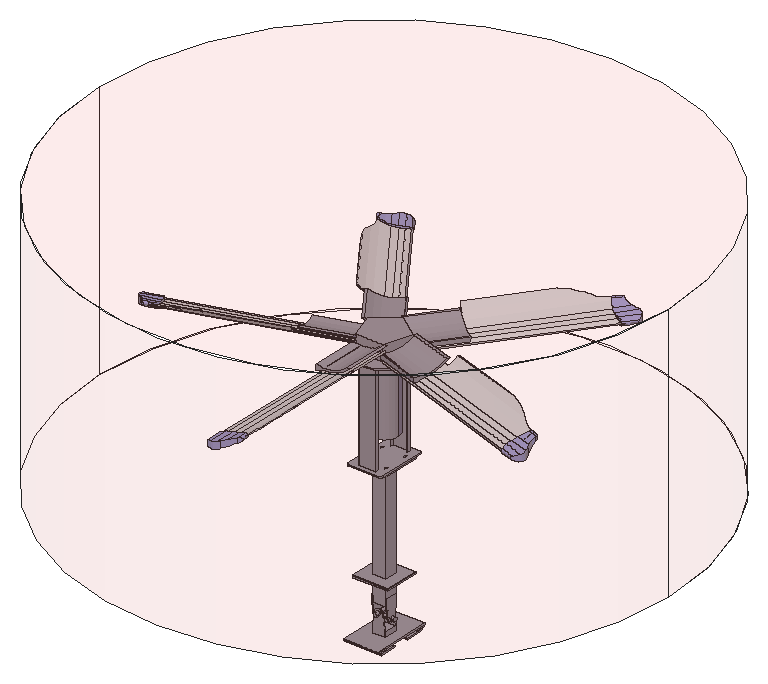
Revit family "HVAC_Mechanical-Ventilation_Envira-North_Altra-Air-Sailfin_Ceiling-Fan2", category Electrical Fixtures, Revit 2022
Family settings
  Round Connector Dimension = Use Diameter
  Part Type = Normal
  OmniClass Number = 23.75.35.17.17.11
  OmniClass Title = Ceiling Fans
  Work Plane-Based = Yes
  Always vertical = No
  Cut with Voids When Loaded = No
  Maintain Annotation Orientation = No
  Shared = No
  Room Calculation Point = No
Parameters (values of type "EN675X5002 - 8FT")
  z_Standard Mount Length [instance] = if(Standard Mount Length = z_Standard Mount 4FT, 48.00", if(Standard Mount Length = z_Standard Mount 2FT, 24.00", 12.00"))  # 12.00"
  z_Standard Mount 4FT = Mount Length : 4FT
  z_Standard Mount 2FT = Mount Length : 2FT
  z_Standard Mount 1FT = Mount Length : 1FT
  z_Radius = Diameter / 2  # 48.00"
  z_Extension Mount Length [instance] = if(Mount Extension, if(Extension Type = z_Extension Mount 4FT, 48.00", 24.00"), 0.00")  # 24.00"
  z_Extension Mount 4FT = Extension Mount : 4FT
  z_Extension Mount 2FT = Extension Mount : 2FT
  z_Clearence to Floor = 144.00"  # constant formula
  z_Clearence Blades = 30.00"  # constant formula
  z_Clearence Blades Diameter = Diameter + 36.00"  # 132.00"
  z_Blades Length = Blade : 08FT
  Weight = 220.00 lbf
  Wattage = 782 W  # constant formula
  Voltage = 230 V  # constant formula
  Version = 1
  URL = "https://www.enviranorth.com/"
  Standard Mount Type [instance] = Mount : UMH
  Standard Mount Length [instance] = Mount Length : 1FT
  Sound Rating = 62.5  # constant formula
  Product data url = ""
  Product Page URL = "https://www.enviranorth.com/altra-airsailfinfans.html"
  Product Material = Envira North Systems - Metal
  Power Factor = 1
  Number of Poles = 3  # constant formula
  Mount Extension [instance] = yes
  Model = "EN675X5002"
  Maximum Velocity = 433 FPM
  Maximum Effective Diameter = 720.00"
  Manufacturer = "Envira-North Systems"  # constant formula
  Extension Type [instance] = Extension Mount : 2FT
  Diameter = 96.00"
  Design Ventilation Air Flow = 59494 CFM
  Description = "Altra-Air Sailfin Fan"
  Default Elevation = 0.00"
  Date Updated = "17/12/2024"  # constant formula
  Date Created = "17/12/2024"  # constant formula
  Ceiling Offset [instance] = z_Standard Mount Length + z_Extension Mount Length  # 36.00"
  CFEI High Speed = 1 ft³·h/(min·Btu)
  CFEI 40% Speed = 1 ft³·h/(min·Btu)
  Blades Clearance [instance] = yes
  Alternate Voltage = 460 V  # constant formula
Types (6): name | z_Radius | z_Clearence Blades Diameter | z_Blades Length | Weight | Model | Maximum Velocity | Maximum Effective Diameter | Diameter | Design Ventilation Air Flow | CFEI High Speed
  (no name) | 48.00" | 132.00" | Blade : 08FT | 220.00 lbf | "EN675X5002" | 433 FPM | 720.00" | 96.00" | 59494 CFM | 0.0026417 (stored number, unit not read)
  EN675X5002 - 8FT | 48.00" | 132.00" | Blade : 08FT | 220.00 lbf | "EN675X5002" | 433 FPM | 720.00" | 96.00" | 59494 CFM | 1 ft³·h/(min·Btu)
  EN675X5006 - 12FT | 72.00" | 180.00" | Blade : 12FT | 245.00 lbf | "EN675X5006" | 512 FPM | 960.00" | 144.00" | 70424 CFM | 0 ft³·h/(min·Btu)
  EN675X5010 - 16FT | 96.00" | 228.00" | Blade : 16FT | 275.00 lbf | "EN675X5010" | 422 FPM | 1680.00" | 192.00" | 127033 CFM | 1 ft³·h/(min·Btu)
  EN675X5014 - 20FT | 120.00" | 276.00" | Blade : 20FT | 320.00 lbf | "EN675X5014" | 439 FPM | 2400.00" | 240.00" | 176200 CFM | 1 ft³·h/(min·Btu)
  EN675X5016 - 24FT | 144.00" | 324.00" | Blade : 24FT | 347.00 lbf | "EN675X5016" | 497 FPM | 2760.00" | 288.00" | 315026 CFM | 1 ft³·h/(min·Btu)
Values of the unnamed type that differ from the named types
  CFEI 40% Speed = 0.0052833 (stored number, unit not read)
Reference planes (in)
  plane 1 "Center (Front/Back)": y = 0
  plane 2: z = 0
  plane 3 "Center (Left/Right)": x = 0
  plane 4: through (0, 0, 48) normal (-0.809, 0.5878, 0)
  plane 5: through (0, 0, 48) normal (-0.809, -0.5878, 0)
  plane 6: through (0, 0, 48) normal (0.309, -0.9511, 0)
  plane 7: through (0, 0, 48) normal (0.309, 0.9511, 0)
  plane 8 "Top": z = 36
  plane 9: z = 57.11623
  plane 10: z = 59.25
  plane 11: z = 62.885
  plane 12: z = 36.25
  plane 13: z = 59.17453
  plane 14: z = 58.25
  plane 15: z = 58.5
  plane 16 "Blades Center": z = 60.27
  plane 17: z = 30.27
  plane 18: z = 90.27
  plane 19: z = 35.75
  plane 20: z = 0.26243
  plane 21: z = -31.64252
  plane 22: z = 41.91142
  plane 23: z = 12
Forms (in)
  Extrusion 1, solid, material "Envira North Systems - Metal", detail levels medium+fine
    sketch origin (0, 0, 0) x (1, 0, 0) y (0, 1, 0)
      loop
        line (0, 5.43658) -> (-5.17049, 1.67999) -> (-3.19554, -4.39828) -> (3.19554, -4.39828) -> (5.17049, 1.67999) -> (0, 5.43658)
    from 59.25 to 62.885
  Extrusion 2, solid, material "Envira North Systems - Metal" <- "Product Material", detail levels medium+fine
    sketch origin (0, 0, 0) x (1, 0, 0) y (0, 1, 0)
      loop
        circle (0, 0) r 6.75
    from 58.25 to 58.5
  Extrusion 3, solid, material "Envira North Systems - Metal" <- "Product Material", detail levels coarse
    sketch origin (0, 0, 0) x (1, 0, 0) y (0, 1, 0)
      loop
        circle (0, 0) r 48
    from 59.17453 to 62.885
  Extrusion 4, solid, visible <- "Blades Clearance"
    sketch origin (0, 0, 0) x (1, 0, 0) y (0, 1, 0)
      loop
        circle (0, 0) r 66
    from 30.27 to 90.27
  Extrusion 5, solid, material "Envira North Systems - Metal" <- "Product Material", detail levels coarse
    sketch origin (0, 0, 0) x (1, 0, 0) y (0, 1, 0)
      loop
        line (-4, 5.5) -> (-4, -5.5)
        arc (-4, -5.5) -> (-3.85355, -5.85355) -> (-3.5, -6) r 0.5
        line (-3.5, -6) -> (3.5, -6)
        arc (3.5, -6) -> (3.85355, -5.85355) -> (4, -5.5) r 0.5
        line (4, -5.5) -> (4, 5.5)
        arc (4, 5.5) -> (3.85355, 5.85355) -> (3.5, 6) r 0.5
        line (3.5, 6) -> (-3.5, 6)
        arc (-3.5, 6) -> (-3.85355, 5.85355) -> (-4, 5.5) r 0.5
    from 36 to 59.17453
  Extrusion 6, solid, material "Envira North Systems - Metal" <- "Product Material", detail levels medium+fine
    sketch origin (0, 0, 0) x (1, 0, 0) y (0, 1, 0)
      loop
        line (4, -5.5) -> (4, 5.5)
        arc (4, 5.5) -> (3.85355, 5.85355) -> (3.5, 6) r 0.5
        line (3.5, 6) -> (-3.5, 6)
        arc (-3.5, 6) -> (-3.85355, 5.85355) -> (-4, 5.5) r 0.5
        line (-4, 5.5) -> (-4, -5.5)
        arc (-4, -5.5) -> (-3.85355, -5.85355) -> (-3.5, -6) r 0.5
        line (-3.5, -6) -> (3.5, -6)
        arc (3.5, -6) -> (3.85355, -5.85355) -> (4, -5.5) r 0.5
      loop
        circle (-2.7538, 2.75) r 0.28
      loop
        circle (2.75, 2.75351) r 0.28485
      loop
        circle (2.75039, -2.76112) r 0.28
      loop
        circle (-2.75201, -2.75073) r 0.27925
    from 36 to 36.25
  Extrusion 7, solid, material "Envira North Systems - Metal" <- "Product Material", detail levels medium+fine
    sketch origin (0, 0, 0) x (1, 0, 0) y (0, 1, 0)
      loop
        circle (0, 0) r 3.25
    from 41.91142 to 58.25
  Extrusion 8, solid, material "Envira North Systems - Metal" <- "Product Material", detail levels medium+fine
    sketch origin (0, 0, 0) x (1, 0, 0) y (0, 1, 0)
      loop
        line (-2, 4.25533) -> (-1.9, 4.25533) -> (-1.9, 4.90533) -> (1.8985, 4.90533) -> (1.8985, 4.25533) -> (2, 4.25533) -> (2, 5.00533) -> (-2, 5.00533) -> (-2, 4.25533)
      loop
        line (-2, -4.25533) -> (-2, -5.00533) -> (2, -5.00533) -> (2, -4.25533) -> (1.8985, -4.25533) -> (1.8985, -4.90533) -> (-1.9, -4.90533) -> (-1.9, -4.25533) -> (-2, -4.25533)
    from 36.25 to 58.25
Lines and regions (in)
  Masking region 1
    outline origin (0, 0, 0) x (1, 0, 0) y (0, 1, 0)
      loop
        circle (0, 0) r 48
  Masking region 2
    outline origin (0, 0, 0) x (1, 0, 0) y (0, 0, 1)
      loop
        line (-48, 62.885) -> (-48, 59.17453) -> (48, 59.17453) -> (48, 62.885) -> (-48, 62.885)
  Masking region 3, detail levels medium+fine
    outline origin (0, 0, 0) x (1, 0, 0) y (0, 1, 0)
      loop
        arc (-46.728, -10.977) -> (-45.65071, -14.83282) -> (-44.25586, -18.58545) r 48
        line (-44.25586, -18.58545) -> (-4, -5.50553) -> (-4, -47.83304)
        arc (-4, -47.83304) -> (0, -48) -> (4, -47.83304) r 48
        line (4, -47.83304) -> (4, -5.40222) -> (44.29394, -18.49452)
        arc (44.29394, -18.49452) -> (45.68108, -14.73903) -> (46.75044, -10.88101) r 48
        line (46.75044, -10.88101) -> (6.47214, 2.10292) -> (31.35163, 36.3466)
        arc (31.35163, 36.3466) -> (28.21369, 38.83282) -> (24.87949, 41.04889) r 48
        line (24.87949, 41.04889) -> (0, 6.80521) -> (-24.87949, 41.04889)
        arc (-24.87949, 41.04889) -> (-28.21369, 38.83282) -> (-31.35163, 36.3466) r 48
        line (-31.35163, 36.3466) -> (-6.47214, 2.10292) -> (-46.728, -10.977)
  Masking region 4, detail levels medium+fine
    outline origin (0, 0, 0) x (1, 0, 0) y (0, 0, 1)
      loop
        line (-6.75, 58.25) -> (-3.25, 58.25) -> (-3.25, 41.91142) -> (-2, 41.91142) -> (-2, 36.25) -> (-4, 36.25) -> (-4, 36) -> (4, 36) -> (4, 36.25) -> (2, 36.25) -> (2, 41.91142) -> (3.25, 41.91142) -> (3.25, 58.25) -> (6.75, 58.25) -> (6.75, 59.17453) -> (-6.75, 59.17453) -> (-6.75, 58.25)
  Masking region 5, detail levels medium+fine
    outline origin (0, 0, 0) x (1, 0, 0) y (0, 0, 1)
      loop
        line (-3, 36) -> (-3, 35.75) -> (-1.10146, 35.75) -> (-1.10146, 0.26243) -> (-3, 0.26243) -> (-3, 0) -> (3, 0) -> (3, 0.26243) -> (1.10774, 0.26243) -> (1.10774, 35.75) -> (3, 35.75) -> (3, 36) -> (-3, 36)
  Masking region 6, detail levels coarse
    outline origin (0, 0, 0) x (1, 0, 0) y (0, 0, 1)
      loop
        line (-4, 36) -> (4, 36) -> (4, 59.17453) -> (-4, 59.17453) -> (-4, 36)
  Masking region 7, detail levels medium+fine
    outline origin (0, 0, 0) x (0, 1, 0) y (0, 0, 1)
      loop
        line (3, 0) -> (3, 0.26243) -> (0.97376, 0.26243) -> (0.97376, 35.75) -> (3, 35.75) -> (3, 36) -> (-3, 36) -> (-3, 35.75) -> (-1.03573, 35.75) -> (-1.03573, 0.26243) -> (-3, 0.26243) -> (-3, 0) -> (3, 0)
  Masking region 8, detail levels medium+fine
    outline origin (0, 0, 0) x (0, 1, 0) y (0, 0, 1)
      loop
        line (-6, 36) -> (6, 36) -> (6, 36.25) -> (5.00533, 36.25) -> (5.00533, 58.25) -> (6.75, 58.25) -> (6.75, 59.17453) -> (-6.75, 59.17453) -> (-6.75, 58.25) -> (-5.00533, 58.25) -> (-5.00533, 36.25) -> (-6, 36.25) -> (-6, 36)
  Masking region 9
    outline origin (0, 0, 0) x (0, 1, 0) y (0, 0, 1)
      loop
        line (48, 62.885) -> (-48, 62.885) -> (-48, 59.17453) -> (48, 59.17453) -> (48, 62.885)
  Masking region 10, detail levels coarse
    outline origin (0, 0, 0) x (0, 1, 0) y (0, 0, 1)
      loop
        line (6.75, 59.17453) -> (-6.75, 59.17453) -> (-6.75, 36) -> (6.75, 36) -> (6.75, 59.17453)
  symbolic lines, style "Clearance", visible <- "Blades Clearance"
    curve 1: circle (0, 0, 0) r 66 normal (0, 0, 1)
    curve 12: line (-66, 0, 90.27) -> (66, 0, 90.27)
    curve 13: line (-66, 0, 30.27) -> (-66, 0, 90.27)
    curve 14: line (66, 0, 30.27) -> (-66, 0, 30.27)
    curve 15: line (66, 0, 90.27) -> (66, 0, 30.27)
    curve 31: line (0, 66, 90.27) -> (0, -66, 90.27)
    curve 32: line (0, 66, 30.27) -> (0, 66, 90.27)
    curve 33: line (0, -66, 30.27) -> (0, 66, 30.27)
    curve 34: line (0, -66, 90.27) -> (0, -66, 30.27)
  symbolic lines
    curve 2: circle (0, 0, 0) r 5.25 normal (0, 0, 1)
    curve 3: line (-3.71231, 3.71231, 0) -> (-4.77297, 4.77297, 0)
    curve 4: line (3.71231, 3.71231, 0) -> (4.77297, 4.77297, 0)
    curve 5: line (-3.71231, -3.71231, 0) -> (-4.77297, -4.77297, 0)
    curve 6: line (3.71231, -3.71231, 0) -> (4.77297, -4.77297, 0)
    curve 8: circle (0, 0, 0) r 6.75 normal (0, 0, 1)
    curve 23: line (0, 5.00533, 36.25) -> (0, -5.00533, 36.25)
  symbolic lines, detail levels coarse
    curve 7: line (0, 0, 0) -> (0, 0, 36)
    curve 9: line (-3.82585, 5.56106, 0) -> (-11.90911, 0, 0)
    curve 10: line (3.82585, -5.56106, 0) -> (11.90911, 0, 0)
    curve 21: line (0, 0, 36) -> (0, 0, 0)
  symbolic lines, detail levels fine
    curve 11: line (-3.25, 0, 58.25) -> (3.25, 0, 58.25)
    curve 16: line (-2, 0, 41.91142) -> (-2, 0, 58.25)
    curve 17: line (2, 0, 41.91142) -> (2, 0, 58.25)
    curve 18: line (-2, 0, 36.25) -> (2, 0, 36.25)
    curve 19: line (-1.10146, 0, 35.75) -> (1.10774, 0, 35.75)
    curve 20: line (-1.10146, 0, 0.26243) -> (1.10774, 0, 0.26243)
    curve 22: line (0, 5.00533, 58.25) -> (0, -5.00533, 58.25)
    curve 24: line (0, 3.25, 41.91142) -> (0, 3.25, 58.25)
    curve 25: line (0, -3.25, 41.91142) -> (0, -3.25, 58.25)
    curve 26: line (0, 3.25, 41.91142) -> (0, -3.25, 41.91142)
    curve 27: line (0, 0.97376, 0.26243) -> (0, -1.03573, 0.26243)
    curve 28: line (0, 0.97376, 35.75) -> (0, -1.03573, 35.75)
    curve 29: line (0, 4.25533, 36.25) -> (0, 4.25533, 58.25)
    curve 30: line (0, -4.25533, 36.25) -> (0, -4.25533, 58.25)
  model lines, detail levels coarse
    curve 35: line (0, 0, 0) -> (0, 0, 36)
Dimensions and locks (in)
  plane 11 to plane 10 to plane 13 to plane 15 to plane 14 to plane 9 to plane 22 to plane 12 to plane 8 "Top" to plane 19 = 3.635" locked, 0.07547" locked, 0.67453" locked, 0.25" locked, 1.13377" locked, 15.20482" locked, 5.66142" locked, 0.25" locked, 0.25" locked
  "z_Clearence Blades": plane 16 "Blades Center" to plane 17
  "z_Clearence Blades": plane 18 to plane 16 "Blades Center"
  "Diameter": Masking region 2 sketch curve to Masking region 2 sketch curve
  equal spacing: Masking region 2 sketch curve, plane 3 "Center (Left/Right)", Masking region 2 sketch curve
  locked: plane 16 "Blades Center" to plane 8 "Top" at 24.27
  "z_Clearence Blades Diameter": curve 32 to curve 34
  equal spacing: curve 32, plane 1 "Center (Front/Back)", curve 34
  "Diameter": Masking region 9 sketch curve to Masking region 9 sketch curve
  equal spacing: Masking region 9 sketch curve, plane 1 "Center (Front/Back)", Masking region 9 sketch curve
  "z_Standard Mount Length": plane 23 to plane 2
  "z_Extension Mount Length": plane 8 "Top" to plane 23
  "Diameter": diameter of Extrusion 3 sketch curve
  "z_Clearence Blades Diameter": diameter of Extrusion 4 sketch curve
  "Diameter": diameter of Masking region 1 sketch curve
  "z_Clearence Blades Diameter": diameter of curve 1
  locked: Masking region 3 sketch curve to Masking region 3 sketch curve (angle 71.867°)
  locked: Masking region 3 sketch curve to Masking region 3 sketch curve (angle 72.00°)  (x4)
  aligned and locked: Extrusion 2 to plane 14
  aligned and locked: Extrusion 2 to plane 15
  aligned and locked: Extrusion 1 to plane 10
  aligned and locked: Extrusion 1 to plane 11
  aligned and locked: plane 16 "Blades Center" to nested 5
  aligned and locked: plane 16 "Blades Center" to nested 2
  aligned and locked: plane 16 "Blades Center" to nested 3
  aligned and locked: plane 16 "Blades Center" to nested 4
  aligned and locked: plane 16 "Blades Center" to nested 1
  aligned and locked: Extrusion 4 to plane 17
  aligned and locked: Extrusion 4 to plane 18
  aligned and locked: Extrusion 3 to plane 13
  aligned and locked: Extrusion 3 to plane 11
  aligned and locked: Masking region 2 sketch curve to Extrusion 3  (x2)
  aligned and locked: Masking region 3 sketch curve to Masking region 1  (x5)
  aligned and locked: curve 12 to Extrusion 4
  aligned and locked: curve 13 to Extrusion 4
  aligned and locked: curve 14 to Extrusion 4
  aligned and locked: curve 15 to Extrusion 4
  aligned and locked: Extrusion 6 to plane 12
  aligned and locked: plane 8 "Top" to Extrusion 6
  aligned and locked: plane 13 to Extrusion 5
  aligned and locked: plane 12 to Extrusion 8
  aligned and locked: plane 14 to Extrusion 8
  aligned and locked: plane 8 "Top" to Extrusion 5
  aligned and locked: Extrusion 7 to plane 22
  aligned and locked: plane 14 to Extrusion 7
  aligned and locked: curve 31 to Extrusion 4
  aligned and locked: curve 33 to Extrusion 4
  aligned and locked: plane 8 "Top" to curve 35
Automatic sketch dimensions
  Extrusion 1 sketch curve to plane 7 = 0.00"
  Extrusion 1 sketch curve to plane 4 = 0.00"
  Extrusion 1 sketch curve to plane 3 "Center (Left/Right)" = 0.00"
  plane 5 to Extrusion 1 sketch curve = 0.00"
  plane 6 to Extrusion 1 sketch curve = 0.00"
  Extrusion 1 sketch curve to plane 3 "Center (Left/Right)" = 3.19554"
  Extrusion 1 sketch curve to plane 1 "Center (Front/Back)" = 1.67999"  (x2)
  Extrusion 1 sketch curve to plane 1 "Center (Front/Back)" = 5.43658"
  plane 1 "Center (Front/Back)" to Extrusion 2 sketch curve = 0.00"
  Extrusion 2 sketch curve to plane 3 "Center (Left/Right)" = 0.00"
  plane 1 "Center (Front/Back)" to Extrusion 3 sketch curve = 0.00"
  Extrusion 3 sketch curve to plane 3 "Center (Left/Right)" = 0.00"
  plane 1 "Center (Front/Back)" to Extrusion 4 sketch curve = 0.00"
  Extrusion 4 sketch curve to plane 3 "Center (Left/Right)" = 0.00"
  plane 1 "Center (Front/Back)" to Masking region 1 sketch curve = 0.00"
  Masking region 1 sketch curve to plane 3 "Center (Left/Right)" = 0.00"
  Masking region 3 sketch curve to Masking region 3 sketch curve = 6.47214"  (x2)
  Masking region 3 sketch curve to Masking region 3 sketch curve = 4.70228"  (x2)
  Masking region 3 sketch curve to plane 4 = 0.00"
  Masking region 3 sketch curve to plane 7 = 0.00"
  Masking region 3 sketch curve to plane 3 "Center (Left/Right)" = 0.00"
  plane 3 "Center (Left/Right)" to Masking region 3 sketch curve = 4.00"
  Masking region 3 sketch curve to plane 3 "Center (Left/Right)" = 4.00"
  plane 6 to Masking region 3 sketch curve = 0.00"
  Masking region 3 sketch curve to plane 1 "Center (Front/Back)" = 2.10292"  (x2)
  plane 1 "Center (Front/Back)" to Masking region 3 sketch curve = 5.40222"
  curve 1 to curve 2 = 0.00"
  curve 1 to curve 8 = 0.00"
  curve 2 to curve 8 = 0.00"  (x2)
  plane 1 "Center (Front/Back)" to curve 9 = 0.00"
  plane 1 "Center (Front/Back)" to curve 2 = 0.00"
  curve 2 to plane 3 "Center (Left/Right)" = 0.00"
  plane 1 "Center (Front/Back)" to curve 10 = 0.00"
  curve 5 to plane 3 "Center (Left/Right)" = 3.71231"
  curve 3 to plane 3 "Center (Left/Right)" = 3.71231"
  curve 9 to curve 3 = 0.11354"
  curve 5 to curve 5 = 1.06066"  (x2)
  curve 3 to curve 9 = 0.94712"
  curve 9 to curve 5 = 7.13614"
  plane 3 "Center (Left/Right)" to curve 4 = 3.71231"
  curve 6 to curve 10 = 0.11354"
  curve 4 to curve 4 = 1.06066"
  curve 10 to curve 6 = 0.94712"
  curve 6 to curve 10 = 7.13614"
  plane 1 "Center (Front/Back)" to curve 6 = 3.71231"
  curve 10 to curve 6 = 0.78809"
  Extrusion 6 sketch curve to plane 3 "Center (Left/Right)" = 4.00"
  Extrusion 6 sketch curve to Extrusion 6 sketch curve = 0.50"  (x3)
  Extrusion 6 sketch curve to Extrusion 6 sketch curve = 0.7462"
  Extrusion 6 sketch curve to Extrusion 6 sketch curve = 0.74799"
  plane 3 "Center (Left/Right)" to Extrusion 6 sketch curve = 2.75039"
  plane 3 "Center (Left/Right)" to Extrusion 6 sketch curve = 2.75"
  plane 3 "Center (Left/Right)" to Extrusion 6 sketch curve = 3.50"  (x2)
  plane 1 "Center (Front/Back)" to Extrusion 6 sketch curve = 6.00"
  Extrusion 6 sketch curve to Extrusion 6 sketch curve = 2.73888"
  Extrusion 6 sketch curve to Extrusion 6 sketch curve = 2.74927"
  Extrusion 6 sketch curve to plane 1 "Center (Front/Back)" = 2.75351"
  Extrusion 6 sketch curve to plane 1 "Center (Front/Back)" = 2.75"
  Extrusion 6 sketch curve to Extrusion 6 sketch curve = 2.75"
  plane 1 "Center (Front/Back)" to Extrusion 7 sketch curve = 0.00"
  Extrusion 7 sketch curve to plane 3 "Center (Left/Right)" = 0.00"
  Extrusion 8 sketch curve to plane 3 "Center (Left/Right)" = 2.00"  (x2)
  Extrusion 8 sketch curve to Extrusion 8 sketch curve = 0.10"  (x4)
  plane 3 "Center (Left/Right)" to Extrusion 8 sketch curve = 1.8985"  (x2)
  Extrusion 8 sketch curve to Extrusion 8 sketch curve = 0.1015"  (x2)
  plane 1 "Center (Front/Back)" to Extrusion 8 sketch curve = 5.00533"
  Extrusion 8 sketch curve to Extrusion 8 sketch curve = 0.65"  (x3)
  Extrusion 8 sketch curve to plane 1 "Center (Front/Back)" = 4.25533"
  Extrusion 8 sketch curve to Extrusion 8 sketch curve = 0.00"
  Extrusion 5 sketch curve to plane 3 "Center (Left/Right)" = 3.50"
  Extrusion 5 sketch curve to Extrusion 5 sketch curve = 0.50"  (x4)
  Extrusion 5 sketch curve to plane 1 "Center (Front/Back)" = 5.50"
  plane 1 "Center (Front/Back)" to Extrusion 5 sketch curve = 5.50"
  plane 3 "Center (Left/Right)" to Extrusion 5 sketch curve = 3.50"
  Masking region 4 sketch curve to plane 13 = 0.00"
  Masking region 4 sketch curve to plane 14 = 0.00"  (x2)
  Masking region 4 sketch curve to plane 8 "Top" = 0.00"
  Masking region 4 sketch curve to plane 12 = 0.00"  (x2)
  Masking region 4 sketch curve to plane 22 = 0.00"  (x2)
  Masking region 4 sketch curve to plane 3 "Center (Left/Right)" = 6.75"
  Masking region 4 sketch curve to plane 3 "Center (Left/Right)" = 4.00"
  Masking region 4 sketch curve to plane 3 "Center (Left/Right)" = 3.25"
  Masking region 4 sketch curve to Masking region 4 sketch curve = 1.25"  (x2)
  plane 3 "Center (Left/Right)" to Masking region 4 sketch curve = 2.00"
  Masking region 4 sketch curve to Masking region 4 sketch curve = 2.00"
  Masking region 4 sketch curve to Masking region 4 sketch curve = 3.50"
  Masking region 5 sketch curve to plane 8 "Top" = 0.00"
  Masking region 5 sketch curve to level = 0.00"
  Masking region 5 sketch curve to plane 20 = 0.00"  (x2)
  Masking region 5 sketch curve to plane 19 = 0.00"  (x2)
  Masking region 5 sketch curve to plane 3 "Center (Left/Right)" = 3.00"  (x2)
  Masking region 5 sketch curve to plane 3 "Center (Left/Right)" = 1.10146"
  plane 3 "Center (Left/Right)" to Masking region 5 sketch curve = 1.10774"
  Masking region 5 sketch curve to Masking region 5 sketch curve = 1.89226"  (x2)
  Masking region 6 sketch curve to plane 13 = 0.00"
  Masking region 6 sketch curve to plane 8 "Top" = 0.00"
  Masking region 6 sketch curve to plane 3 "Center (Left/Right)" = 4.00"
  plane 3 "Center (Left/Right)" to Masking region 6 sketch curve = 4.00"
  plane 8 "Top" to Masking region 7 sketch curve = 0.00"
  Masking region 7 sketch curve to level = 0.00"
  Masking region 7 sketch curve to plane 20 = 0.00"  (x2)
  Masking region 7 sketch curve to plane 19 = 0.00"  (x2)
  plane 1 "Center (Front/Back)" to Masking region 7 sketch curve = 3.00"  (x2)
  plane 1 "Center (Front/Back)" to Masking region 7 sketch curve = 1.03573"
  Masking region 7 sketch curve to plane 1 "Center (Front/Back)" = 0.97376"
  Masking region 7 sketch curve to Masking region 7 sketch curve = 2.02624"  (x2)
  Masking region 8 sketch curve to plane 15 = 0.67453"
  Masking region 8 sketch curve to plane 14 = 0.00"  (x2)
  plane 8 "Top" to Masking region 8 sketch curve = 0.00"
  plane 12 to Masking region 8 sketch curve = 0.00"  (x2)
  plane 1 "Center (Front/Back)" to Masking region 8 sketch curve = 6.75"
  plane 1 "Center (Front/Back)" to Masking region 8 sketch curve = 6.00"
  Masking region 8 sketch curve to Masking region 8 sketch curve = 0.99467"  (x2)
  Masking region 8 sketch curve to plane 1 "Center (Front/Back)" = 5.00533"
  Masking region 8 sketch curve to Masking region 8 sketch curve = 1.74467"
  plane 11 to Masking region 9 sketch curve = 0.00"
  Masking region 9 sketch curve to plane 13 = 0.00"
  Masking region 10 sketch curve to plane 13 = 0.00"
  Masking region 10 sketch curve to plane 14 = 22.25"
  plane 1 "Center (Front/Back)" to Masking region 10 sketch curve = 6.75"
  Masking region 10 sketch curve to plane 1 "Center (Front/Back)" = 6.75"
  plane 12 to curve 23 = 0.00"
  curve 22 to plane 14 = 0.00"
  curve 26 to plane 22 = 0.00"
  curve 28 to plane 19 = 0.00"
  curve 27 to plane 20 = 0.00"
  curve 21 to level = 0.00"
  curve 21 to plane 1 "Center (Front/Back)" = 0.00"
  plane 8 "Top" to curve 21 = 0.00"
  plane 1 "Center (Front/Back)" to curve 25 = 3.25"
  curve 26 to plane 1 "Center (Front/Back)" = 3.25"
  plane 1 "Center (Front/Back)" to curve 27 = 1.03573"
  plane 1 "Center (Front/Back)" to curve 28 = 1.03573"
  curve 30 to curve 25 = 1.00533"
  curve 22 to curve 30 = 0.75"
  curve 23 to curve 30 = 0.75"
  curve 27 to plane 1 "Center (Front/Back)" = 0.97376"
  curve 28 to plane 1 "Center (Front/Back)" = 0.97376"
  curve 24 to curve 29 = 1.00533"
  curve 29 to curve 23 = 0.75"
  curve 29 to curve 22 = 0.75"
  curve 11 to plane 14 = 0.00"
  curve 18 to plane 12 = 0.00"
  curve 16 to plane 22 = 0.00"
  curve 19 to plane 19 = 0.00"
  curve 20 to plane 20 = 0.00"
  curve 7 to plane 3 "Center (Left/Right)" = 0.00"
  curve 35 to level = 0.00"
  curve 35 to plane 3 "Center (Left/Right)" = 0.00"
  curve 17 to plane 22 = 0.00"
  curve 7 to level = 0.00"
  curve 7 to plane 8 "Top" = 0.00"
  curve 11 to plane 3 "Center (Left/Right)" = 3.25"
  curve 18 to plane 3 "Center (Left/Right)" = 2.00"
  curve 16 to plane 3 "Center (Left/Right)" = 2.00"
  curve 18 to curve 19 = 0.89854"
  curve 20 to plane 3 "Center (Left/Right)" = 1.10146"
  plane 3 "Center (Left/Right)" to curve 20 = 1.10774"
  plane 3 "Center (Left/Right)" to curve 19 = 1.10774"
  curve 19 to curve 18 = 0.89226"
  plane 3 "Center (Left/Right)" to curve 17 = 2.00"
  curve 17 to curve 11 = 1.25"
  radius of Extrusion 2 sketch curve = 6.75"
  radius of Extrusion 6 sketch curve = 0.28"  (x2)
  radius of Extrusion 6 sketch curve = 0.28485"
  radius of Extrusion 6 sketch curve = 0.27925"
  radius of Extrusion 7 sketch curve = 3.25"
Nested families (in)
  nested 1: "Blade" at (1.10774, -4.39828, 60.27) x (1, 0, 0) z (0, -1, 0), type <- "z_Blades Length", type "08FT", detail levels medium+fine
  nested 2: "Blade" at (4.54207, -0.2541, 60.27) x (0.309, 0.9511, 0) z (0.9511, -0.309, 0), type <- "z_Blades Length", type "08FT", detail levels medium+fine
  nested 3: "Blade" at (1.53343, 4.32247, 60.27) x (-0.809, 0.5878, 0) z (0.5878, 0.809, 0), type <- "z_Blades Length", type "08FT", detail levels medium+fine
  nested 4: "Blade" at (-3.60427, 2.81792, 60.27) x (-0.809, -0.5878, 0) z (-0.5878, 0.809, 0), type <- "z_Blades Length", type "08FT", detail levels medium+fine
  nested 5: "Blade" at (-3.78153, -2.59479, 60.27) x (0.309, -0.9511, 0) z (-0.9511, -0.309, 0), type <- "z_Blades Length", type "08FT", detail levels medium+fine
  nested 6: "Mount" at (0, 0, 0), type <- "Standard Mount Type", type "UMH", detail levels medium+fine
    with z_Wood Mount Height 4.23757"
  nested 7: "Mount Length" at (0, 0, 0), type <- "Standard Mount Length", type "1FT", detail levels medium+fine
  nested 8: "Extension Mount" at (0, 0, 12), type <- "Extension Type", visible <- "Mount Extension", type "2FT", detail levels medium+fine
Connectors (in)
  electrical at (0, 0, 36), driven by "Voltage", driven by "Power Factor", driven by "Wattage", driven by "Number of Poles"
    settings: on plane 8 "Top", index 1, voltage 230 V, apparent load 782 VA, apparent load phase1 0 VA, apparent load phase2 0 VA, apparent load phase3 0 VA, power factor 1, load classification "HVAC", number of poles 3, system type 30, power factor state 1, is connector primary yes, connector utility no, sub classification motor yes, connector description "Fan Power Supply"
Definition of nested family "Blade"
  Parameters (values of type "24FT")
    z_Blade Length = 139.60"
    Product Material = none
    Default Elevation = 48.00"
  Types (5): name | z_Blade Length
    08FT | 43.60"
    12FT | 67.60"
    16FT | 91.60"
    20FT | 115.60"
    24FT | 139.60"
  Reference planes (in)
    plane 1 "Center (Front/Back)": y = 0
    plane 2: z = 0
    plane 3 "Center (Left/Right)": x = 0
    plane 4: z = 121.21074
    plane 5: z = 135.96074
    plane 6: z = 139.6
  Forms (in)
    Extrusion 1, solid
      sketch origin (0, 0, 0) x (1, 0, 0) y (0, 1, 0)
        loop
          line (-48, 48) -> (-48, -48) -> (48, -48) -> (48, 48) -> (-48, 48)
      from 0 to -12
    Extrusion 2, solid
      sketch origin (0, 0, 0) x (1, 0, 0) y (0, 1, 0)
        loop
          arc (-1.84205, -0.23954) -> (-2.45675, -0.35317) -> (-3.07082, -0.47018) r 113.31495
          arc (-3.07082, -0.47018) -> (-3.67661, -0.63157) -> (-4.24454, -0.89704) r 3.54869
          arc (-4.24454, -0.89704) -> (-4.33055, -1.05377) -> (-4.23189, -1.20287) r 0.17294
          arc (-4.23189, -1.20287) -> (-2.75257, -1.39741) -> (-1.29329, -1.0864) r 4.40012
          arc (-1.29329, -1.0864) -> (0.33763, -0.31211) -> (1.85853, 0.66068) r 14.36149
          arc (1.85853, 0.66068) -> (3.25515, 1.77557) -> (4.55391, 3.00306) r 21.40681
          line (4.55391, 3.00306) -> (4.47365, 3.08332)
          arc (4.47365, 3.08332) -> (2.24154, 1.22238) -> (-0.43034, 0.07938) r 10.03094
          arc (-0.43034, 0.07938) -> (-1.13327, -0.09303) -> (-1.84205, -0.23954) r 19.7342
      from 0 to 135.96074
    Extrusion 3, solid, detail levels fine
      sketch origin (0, 0, 0) x (1, 0, 0) y (0, 1, 0)
        loop
          line (-4.84163, 0.74514) -> (-4.75592, -0.23453) -> (-3.82664, -0.23453) -> (-3.52125, 0.07086)
          arc (-3.52125, 0.07086) -> (-0.0534, 0.776) -> (3.00338, 2.55904) r 10.85552
          line (3.00338, 2.55904) -> (2.42635, 2.55904)
          arc (2.42635, 2.55904) -> (-0.92673, 0.90657) -> (-4.66485, 0.92191) r 8.16377
          line (-4.66485, 0.92191) -> (-4.84163, 0.74514)
      from 0 to 10.79363
    Extrusion 4, void
      sketch origin (0, 0, 0) x (1, 0, 0) y (0, 0, 1)
        loop
          arc (2.09375, 135.16985) -> (2.31655, 133.33773) -> (2.97196, 131.61242) r 7.64423
          arc (2.97196, 131.61242) -> (4.1544, 127.81092) -> (4.55391, 123.84987) r 19.83628
          line (4.55391, 123.84987) -> (4.55391, 121.21074) -> (5.75, 121.21074) -> (5.75, 135.96074) -> (2.09375, 135.96074) -> (2.09375, 135.16985)
      from -10.42364 to 12
    Extrusion 5, void
      sketch origin (0, 0, 0) x (1, 0, 0) y (0, 0, 1)
        loop
          arc (2.92635, 11.40451) -> (2.57279, 11.25806) -> (2.42635, 10.90451) r 0.5
          line (2.42635, 10.90451) -> (2.42635, 0) -> (6.22829, 0) -> (6.22829, 13.15451) -> (4.55391, 13.15451) -> (4.55391, 11.90451)
          arc (4.55391, 11.90451) -> (4.40746, 11.55095) -> (4.05391, 11.40451) r 0.5
          line (4.05391, 11.40451) -> (2.92635, 11.40451)
      from -4.24234 to 1.20287
  Cuts and joins
    Extrusion 4, Extrusion 5 cuts Extrusion 2
  Dimensions and locks (in)
    plane 4 to plane 2 = 121.21074"
    locked: plane 5 to plane 4 at 14.75
    "z_Blade Length": plane 6 to plane 2
    locked: plane 6 to plane 5 at 3.63926
    aligned and locked: plane 2 to Extrusion 1
    aligned and locked: level to Extrusion 1
    aligned and locked: Extrusion 2 to plane 2
    aligned and locked: plane 5 to Extrusion 2
    aligned and locked: Extrusion 4 sketch curve to plane 5
    aligned and locked: Extrusion 4 sketch curve to plane 4
    aligned and locked: plane 5 to nested 1
  Automatic sketch dimensions
    Extrusion 1 sketch curve to Extrusion 1 sketch curve = 96.00"  (x2)
    Extrusion 2 sketch curve to plane 3 "Center (Left/Right)" = 10.7867"
    Extrusion 2 sketch curve to plane 3 "Center (Left/Right)" = 6.62495"
    Extrusion 2 sketch curve to Extrusion 2 sketch curve = 5.30481"
    plane 1 "Center (Front/Back)" to Extrusion 2 sketch curve = 1.04663"
    Extrusion 2 sketch curve to plane 3 "Center (Left/Right)" = 4.15775"
    Extrusion 2 sketch curve to plane 3 "Center (Left/Right)" = 2.99806"
    Extrusion 2 sketch curve to plane 3 "Center (Left/Right)" = 2.92682"
    Extrusion 2 sketch curve to plane 3 "Center (Left/Right)" = 2.46374"
    plane 3 "Center (Left/Right)" to Extrusion 2 sketch curve = 4.47365"
    Extrusion 2 sketch curve to Extrusion 2 sketch curve = 0.08026"  (x2)
    plane 3 "Center (Left/Right)" to Extrusion 2 sketch curve = 18.44721"
    Extrusion 2 sketch curve to Extrusion 2 sketch curve = 2.91993"
    Extrusion 2 sketch curve to Extrusion 2 sketch curve = 107.75673"
    Extrusion 2 sketch curve to plane 1 "Center (Front/Back)" = 2.99926"
    Extrusion 2 sketch curve to plane 1 "Center (Front/Back)" = 3.00306"
    Extrusion 2 sketch curve to Extrusion 2 sketch curve = 6.77686"
    Extrusion 2 sketch curve to Extrusion 2 sketch curve = 2.47261"
    Extrusion 2 sketch curve to Extrusion 2 sketch curve = 5.68476"
    Extrusion 2 sketch curve to Extrusion 2 sketch curve = 1.2226"
    Extrusion 2 sketch curve to Extrusion 2 sketch curve = 0.08678"
    Extrusion 2 sketch curve to Extrusion 2 sketch curve = 0.00"  (x2)
    Extrusion 2 sketch curve to Extrusion 2 sketch curve = 0.07414"
    plane 1 "Center (Front/Back)" to Extrusion 2 sketch curve = 0.47018"
    plane 1 "Center (Front/Back)" to Extrusion 2 sketch curve = 0.23954"
    Extrusion 3 sketch curve to plane 1 "Center (Front/Back)" = 0.74514"
    Extrusion 3 sketch curve to plane 3 "Center (Left/Right)" = 4.84163"
    plane 1 "Center (Front/Back)" to Extrusion 3 sketch curve = 0.23453"
    Extrusion 3 sketch curve to Extrusion 3 sketch curve = 0.08571"
    Extrusion 3 sketch curve to plane 1 "Center (Front/Back)" = 0.92191"
    Extrusion 3 sketch curve to Extrusion 3 sketch curve = 0.17678"
    Extrusion 3 sketch curve to plane 3 "Center (Left/Right)" = 3.92146"
    Extrusion 3 sketch curve to Extrusion 3 sketch curve = 0.92927"
    Extrusion 3 sketch curve to plane 1 "Center (Front/Back)" = 0.07086"
    Extrusion 3 sketch curve to Extrusion 3 sketch curve = 0.30539"
    Extrusion 3 sketch curve to Extrusion 3 sketch curve = 1.15829"
    plane 3 "Center (Left/Right)" to Extrusion 3 sketch curve = 2.42635"
    Extrusion 3 sketch curve to Extrusion 3 sketch curve = 0.57703"
    Extrusion 3 sketch curve to plane 1 "Center (Front/Back)" = 2.55904"
    plane 4 to Extrusion 4 sketch curve = 2.63913"
    Extrusion 4 sketch curve to plane 3 "Center (Left/Right)" = 15.28238"
    plane 3 "Center (Left/Right)" to Extrusion 4 sketch curve = 2.09375"
    plane 3 "Center (Left/Right)" to Extrusion 4 sketch curve = 4.55391"
    Extrusion 4 sketch curve to Extrusion 4 sketch curve = 1.19609"
    Extrusion 4 sketch curve to plane 5 = 0.7909"
    Extrusion 4 sketch curve to Extrusion 4 sketch curve = 3.98798"
    Extrusion 5 sketch curve to level = 0.00"
    plane 3 "Center (Left/Right)" to Extrusion 5 sketch curve = 2.42635"
    Extrusion 5 sketch curve to Extrusion 5 sketch curve = 0.50"  (x2)
    Extrusion 5 sketch curve to Extrusion 5 sketch curve = 1.12756"
    Extrusion 5 sketch curve to Extrusion 5 sketch curve = 3.80194"
    level to Extrusion 5 sketch curve = 10.90451"
    Extrusion 5 sketch curve to Extrusion 5 sketch curve = 1.25"
  Nested families (in)
    nested 1: "Blade End" at (-1.6875, 0, 135.96074) x (-1, 0, 0) z (0, 0, 1), type "1", detail levels fine
  Definition of nested family "Blade End"
    Parameters (values of type "1")
      Product Material = none
      Default Elevation = 0.00"
    Reference planes (in)
      plane 1 "Center (Front/Back)": y = 0
      plane 2: z = 0
      plane 3 "Center (Left/Right)": x = 0
    Forms (in)
      Extrusion 1, solid, material <- "Product Material"
        sketch origin (0, 0, 0) x (1, 0, 0) y (0, 0, 1)
          loop
            arc (-3.92715, -0.5) -> (-0.53163, -1.32943) -> (2.86081, -0.48748) r 7.30979
            line (2.86081, -0.48748) -> (2.86081, 2.35977)
            arc (2.86081, 2.35977) -> (1.4211, 3.59751) -> (-0.39465, 3.04267) r 1.96811
            arc (-0.39465, 3.04267) -> (-1.68894, 2.0401) -> (-3.2109, 1.43679) r 5.83184
            arc (-3.2109, 1.43679) -> (-3.66774, 1.18227) -> (-3.92715, 0.72818) r 0.97421
            line (-3.92715, 0.72818) -> (-3.92715, -0.5)
        from -1.35152 to 1.66276
      Extrusion 2, void
        sketch origin (-0.6875, -1.5625, 0) x (-1, 0, 0) y (0, -1, 0)
          loop
            arc (-0.84015, -1.63082) -> (-0.14069, -1.77542) -> (0.553, -1.94557) r 19.4842
            arc (0.553, -1.94557) -> (1.64174, -2.30333) -> (2.68117, -2.78597) r 9.78094
            arc (2.68117, -2.78597) -> (3.17118, -2.59578) -> (3.05354, -2.08348) r 0.40173
            arc (3.05354, -2.08348) -> (1.50617, -1.09375) -> (-0.15314, -0.30598) r 14.61149
            arc (-0.15314, -0.30598) -> (-1.70237, 0.02297) -> (-3.27215, -0.1871) r 4.65012
            arc (-3.27215, -0.1871) -> (-3.53242, -0.54973) -> (-3.32266, -0.94373) r 0.42294
            arc (-3.32266, -0.94373) -> (-2.71586, -1.22748) -> (-2.06865, -1.40024) r 3.79869
            arc (-2.06865, -1.40024) -> (-1.45472, -1.51722) -> (-0.84015, -1.63082) r 113.56495
          loop
            arc (-1.20386, -3.59748) -> (-0.57884, -3.72684) -> (0.04104, -3.87894) r 17.4842
            arc (0.04104, -3.87894) -> (0.94453, -4.17841) -> (1.80469, -4.58595) r 7.78094
            arc (1.80469, -4.58595) -> (4.8844, -3.62869) -> (4.23496, -0.46971) r 2.40173
            arc (4.23496, -0.46971) -> (2.47579, 0.65549) -> (0.58935, 1.55109) r 16.61149
            arc (0.58935, 1.55109) -> (-1.65558, 2.02257) -> (-3.92715, 1.70324) r 6.65012
            arc (-3.92715, 1.70324) -> (-5.52335, -0.35785) -> (-4.32629, -2.67367) r 2.42294
            arc (-4.32629, -2.67367) -> (-3.40957, -3.10334) -> (-2.43209, -3.36701) r 5.79869
            arc (-2.43209, -3.36701) -> (-1.81829, -3.4839) -> (-1.20386, -3.59748) r 115.56495
        from -2.55777 to 4.63701
    Cuts and joins
      Extrusion 2 cuts Extrusion 1
    Lines and regions (in)
      symbolic lines
        curve 1: line (-3.91353, 0, 0) -> (2.83647, 0, 0)
    Dimensions and locks (in)
      aligned and locked: plane 2 to level
Definition of nested family "Mount"
  Parameters (values of type "UMH Wood")
    z_Wood Mount Height [instance] = 4.23757"
    z_Wood = yes
    Product Material = none
    Default Elevation = 48.00"
  Types (2): name | z_Wood
    UMH | no
    UMH Wood | yes
  Reference planes (in)
    plane 1 "Center (Front/Back)": y = 0
    plane 2: z = 0
    plane 3 "Center (Left/Right)": x = 0
    plane 4: z = 6.5625
    plane 5: z = -4.23757
    plane 6: z = -4.5
  Forms (in)
    Extrusion 1, solid, material <- "Product Material"
      sketch origin (-0.02354, 0.03099, 0) x (1, 0, 0) y (0, 1, 0)
        loop
          line (-3.97646, 6.84401) -> (-3.97646, -6.90599) -> (4.00026, -6.90599) -> (4.00026, 6.84401) -> (-3.97646, 6.84401)
      from 0 to 0.26243
    Extrusion 2, solid, material <- "Product Material"
      sketch origin (0, 0, 0) x (1, 0, 0) y (0, 0, 1)
        loop
          line (-1.37439, 1.75) -> (-1.37439, 0.25) -> (1.37439, 0.25) -> (1.37439, 1.75) -> (0.89439, 4.89646)
          arc (0.89439, 4.89646) -> (0, 5.58983) -> (-0.89439, 4.89646) r 0.92353
          line (-0.89439, 4.89646) -> (-1.37439, 1.75)
      from 1.5 to 1.6875
    Extrusion 3, solid, material <- "Product Material"
      sketch origin (0, 0, 0) x (1, 0, 0) y (0, 0, 1)
        loop
          line (-1.37439, 1.75) -> (-1.37439, 0.25) -> (1.37439, 0.25) -> (1.37439, 1.75) -> (0.89439, 4.89646)
          arc (0.89439, 4.89646) -> (0, 5.58983) -> (-0.89439, 4.89646) r 0.92353
          line (-0.89439, 4.89646) -> (-1.37439, 1.75)
      from -1.6875 to -1.5
    Extrusion 4, solid, material <- "Product Material"
      sketch origin (0, 0, 0) x (0, 1, 0) y (0, 0, 1)
        loop
          line (-1.3511, 8.0625) -> (-1.3511, 6.5625) -> (-0.8726, 3.42583)
          arc (-0.8726, 3.42583) -> (0.02329, 2.69452) -> (0.91917, 3.42583) r 0.9144
          line (0.91917, 3.42583) -> (1.39768, 6.5625) -> (1.39768, 8.0625) -> (-1.3511, 8.0625)
      from 1.5 to 1.66421
    Extrusion 5, solid, material <- "Product Material"
      sketch origin (0, 0, 0) x (0, 1, 0) y (0, 0, 1)
        loop
          line (-1.3511, 8.0625) -> (-1.3511, 6.5625) -> (-0.8726, 3.42583)
          arc (-0.8726, 3.42583) -> (0.02329, 2.69452) -> (0.91917, 3.42583) r 0.9144
          line (0.91917, 3.42583) -> (1.39768, 6.5625) -> (1.39768, 8.0625) -> (-1.3511, 8.0625)
      from -1.71079 to -1.52329
    Extrusion 6, solid, material <- "Product Material"
      sketch origin (-0.02354, 0.03099, 0) x (1, 0, 0) y (0, 1, 0)
        loop
          line (-1.49974, 1.4923) -> (-1.49974, -1.53099) -> (1.52354, -1.53099) -> (1.52354, 1.4923) -> (-1.49974, 1.4923)
      from 0.26243 to 1.25
    Extrusion 7, solid, material <- "Product Material"
      sketch origin (0, 0, 0) x (1, 0, 0) y (0, 0, 1)
        loop
          circle (0, 4.75564) r 0.40062
      from -2.3215 to 2.55367
    Extrusion 8, solid, material <- "Product Material"
      sketch origin (0, 0, 0) x (0, 1, 0) y (0, 0, 1)
        loop
          circle (0, 3.56453) r 0.3925
      from -2.34479 to 2.53038
    Extrusion 9, solid, material <- "Product Material"
      sketch origin (0, 0, 0) x (0, 1, 0) y (0, 0, 1)
        loop
          line (6.054, -0.25) -> (5.65625, -0.64775) -> (1.84375, -0.64775) -> (1.84375, -0.88685) -> (5.75529, -0.88685) -> (6.22307, -0.41907) -> (6.054, -0.25)
        loop
          line (-1.84375, -0.88685) -> (-1.84375, -0.64775) -> (-5.65625, -0.64775) -> (-6.054, -0.25) -> (-6.22307, -0.41907) -> (-5.75529, -0.88685) -> (-1.84375, -0.88685)
      from -4.02329 to 3.97671
    Extrusion 10, solid, material <- "Product Material"
      sketch origin (0, 0, 0) x (0, 1, 0) y (0, 0, 1)
        loop
          line (6.45625, 0) -> (4.45625, 0) -> (4.45625, -0.25) -> (6.45625, -0.25) -> (6.45625, 0)
        loop
          line (-4.45625, 0) -> (-6.45625, 0) -> (-6.45625, -0.25) -> (-4.45625, -0.25) -> (-4.45625, 0)
      from -4.02329 to 4
    Extrusion 11, solid, material <- "Product Material", visible <- "z_Wood"
      sketch origin (-0.02354, 0.03099, -4.5) x (1, 0, 0) y (0, 1, 0)
        loop
          line (-3.97646, 6.84401) -> (-3.97646, -6.90599) -> (4.00026, -6.90599) -> (4.00026, 6.84401) -> (-3.97646, 6.84401)
      from 0 to 0.26243
    Extrusion 12, solid, material <- "Product Material", visible <- "z_Wood"
      sketch origin (0, 0, 0) x (1, 0, 0) y (0, 1, 0)
        loop
          circle (-2.76709, 5.16342) r 0.25
        loop
          circle (2.76709, 5.16342) r 0.25
        loop
          circle (-2.76709, -5.16342) r 0.25
        loop
          circle (2.76709, -5.16342) r 0.25
      from -5.12318 to 0.93228
  Cuts and joins
    joined: Extrusion 4, Extrusion 5, Extrusion 8
    joined: Extrusion 2, Extrusion 3, Extrusion 6, Extrusion 7, Extrusion 10
  Dimensions and locks (in)
    locked: plane 4 to plane 2 at 6.5625
    locked: plane 5 to plane 6 at 0.26243
    "z_Wood Mount Height": plane 2 to plane 5
  Automatic sketch dimensions
    Extrusion 1 sketch curve to plane 3 "Center (Left/Right)" = 4.00"
    plane 3 "Center (Left/Right)" to Extrusion 1 sketch curve = 3.97671"
    plane 1 "Center (Front/Back)" to Extrusion 1 sketch curve = 6.875"
    Extrusion 1 sketch curve to plane 1 "Center (Front/Back)" = 6.875"
    Extrusion 2 sketch curve to plane 3 "Center (Left/Right)" = 0.00"
    Extrusion 2 sketch curve to plane 3 "Center (Left/Right)" = 0.89439"
    level to Extrusion 2 sketch curve = 0.25"
    Extrusion 2 sketch curve to plane 3 "Center (Left/Right)" = 1.37439"
    plane 3 "Center (Left/Right)" to Extrusion 2 sketch curve = 0.89439"
    plane 3 "Center (Left/Right)" to Extrusion 2 sketch curve = 1.37439"
    Extrusion 2 sketch curve to Extrusion 2 sketch curve = 1.50"  (x2)
    plane 4 to Extrusion 2 sketch curve = 1.8962"
    Extrusion 2 sketch curve to Extrusion 2 sketch curve = 0.23016"
    Extrusion 3 sketch curve to plane 3 "Center (Left/Right)" = 0.00"
    Extrusion 3 sketch curve to plane 3 "Center (Left/Right)" = 0.89439"
    level to Extrusion 3 sketch curve = 0.25"
    Extrusion 3 sketch curve to plane 3 "Center (Left/Right)" = 1.37439"
    plane 3 "Center (Left/Right)" to Extrusion 3 sketch curve = 0.89439"
    plane 3 "Center (Left/Right)" to Extrusion 3 sketch curve = 1.37439"
    Extrusion 3 sketch curve to Extrusion 3 sketch curve = 1.50"  (x2)
    plane 4 to Extrusion 3 sketch curve = 1.8962"
    Extrusion 3 sketch curve to Extrusion 3 sketch curve = 0.23016"
    plane 4 to Extrusion 4 sketch curve = 0.00"  (x2)
    plane 1 "Center (Front/Back)" to Extrusion 4 sketch curve = 1.3511"
    plane 1 "Center (Front/Back)" to Extrusion 4 sketch curve = 0.8726"
    Extrusion 4 sketch curve to plane 1 "Center (Front/Back)" = 0.02329"
    Extrusion 4 sketch curve to Extrusion 4 sketch curve = 0.89589"
    Extrusion 4 sketch curve to plane 1 "Center (Front/Back)" = 1.39768"
    plane 4 to Extrusion 4 sketch curve = 2.95357"
    Extrusion 4 sketch curve to Extrusion 4 sketch curve = 0.1831"
    Extrusion 4 sketch curve to Extrusion 4 sketch curve = 1.50"
    plane 4 to Extrusion 5 sketch curve = 0.00"  (x2)
    plane 1 "Center (Front/Back)" to Extrusion 5 sketch curve = 1.3511"
    plane 1 "Center (Front/Back)" to Extrusion 5 sketch curve = 0.8726"
    Extrusion 5 sketch curve to plane 1 "Center (Front/Back)" = 0.02329"
    Extrusion 5 sketch curve to Extrusion 5 sketch curve = 0.89589"
    Extrusion 5 sketch curve to plane 1 "Center (Front/Back)" = 1.39768"
    plane 4 to Extrusion 5 sketch curve = 2.95357"
    Extrusion 5 sketch curve to Extrusion 5 sketch curve = 0.1831"
    Extrusion 5 sketch curve to Extrusion 5 sketch curve = 1.50"
    Extrusion 6 sketch curve to plane 3 "Center (Left/Right)" = 1.52329"
    plane 3 "Center (Left/Right)" to Extrusion 6 sketch curve = 1.50"
    plane 1 "Center (Front/Back)" to Extrusion 6 sketch curve = 1.50"
    Extrusion 6 sketch curve to plane 1 "Center (Front/Back)" = 1.52329"
    Extrusion 7 sketch curve to plane 3 "Center (Left/Right)" = 0.00"
    plane 4 to Extrusion 7 sketch curve = 1.80686"
    Extrusion 8 sketch curve to plane 1 "Center (Front/Back)" = 0.00"
    plane 4 to Extrusion 8 sketch curve = 2.99797"
    Extrusion 9 sketch curve to level = 0.41907"
    plane 1 "Center (Front/Back)" to Extrusion 9 sketch curve = 6.22307"
    Extrusion 9 sketch curve to level = 0.25"  (x2)
    Extrusion 9 sketch curve to Extrusion 9 sketch curve = 0.16907"
    Extrusion 9 sketch curve to level = 0.88685"  (x2)
    Extrusion 9 sketch curve to level = 0.64775"  (x2)
    plane 1 "Center (Front/Back)" to Extrusion 9 sketch curve = 1.84375"
    Extrusion 9 sketch curve to plane 1 "Center (Front/Back)" = 1.84375"
    Extrusion 9 sketch curve to Extrusion 9 sketch curve = 3.8125"
    Extrusion 9 sketch curve to Extrusion 9 sketch curve = 0.09904"
    Extrusion 9 sketch curve to Extrusion 9 sketch curve = 0.39775"
    Extrusion 10 sketch curve to level = 0.00"  (x2)
    plane 1 "Center (Front/Back)" to Extrusion 10 sketch curve = 6.45625"
    Extrusion 10 sketch curve to level = 0.25"  (x2)
    Extrusion 10 sketch curve to Extrusion 10 sketch curve = 2.00"  (x2)
    Extrusion 10 sketch curve to plane 1 "Center (Front/Back)" = 4.45625"
    Extrusion 11 sketch curve to plane 3 "Center (Left/Right)" = 4.00"
    plane 3 "Center (Left/Right)" to Extrusion 11 sketch curve = 3.97671"
    plane 1 "Center (Front/Back)" to Extrusion 11 sketch curve = 6.875"
    Extrusion 11 sketch curve to plane 1 "Center (Front/Back)" = 6.875"
    Extrusion 12 sketch curve to plane 3 "Center (Left/Right)" = 2.76709"  (x2)
    plane 3 "Center (Left/Right)" to Extrusion 12 sketch curve = 2.76709"  (x2)
    plane 1 "Center (Front/Back)" to Extrusion 12 sketch curve = 5.16342"  (x2)
    Extrusion 12 sketch curve to plane 1 "Center (Front/Back)" = 5.16342"  (x2)
    radius of Extrusion 7 sketch curve = 0.40062"
    radius of Extrusion 8 sketch curve = 0.3925"
    radius of Extrusion 12 sketch curve = 0.25"  (x4)
Definition of nested family "Mount Length"
  Parameters (values of type "4FT")
    z_Mount Length = 48.00"
    Product Material = none
    Default Elevation = 48.00"
  Types (3): name | z_Mount Length
    1FT | 12.00"
    2FT | 24.00"
    4FT | 48.00"
  Reference planes (in)
    plane 1 "Center (Front/Back)": y = 0
    plane 2: z = 0
    plane 3 "Center (Left/Right)": x = 0
    plane 4: z = 48
    plane 5: z = 47.75
    plane 6: z = 6.5625
  Forms (in)
    Extrusion 1, solid
      sketch origin (0, 0, 0) x (1, 0, 0) y (0, 1, 0)
        loop
          line (-48, 48) -> (-48, -48) -> (48, -48) -> (48, 48) -> (-48, 48)
      from 0 to -12
    Extrusion 2, solid, material <- "Product Material"
      sketch origin (-0.02354, 0.03099, 0) x (1, 0, 0) y (0, 1, 0)
        loop
          line (-1.49974, 1.4923) -> (-1.49974, -1.53099) -> (1.52354, -1.53099) -> (1.52354, 1.4923) -> (-1.49974, 1.4923)
      from 6.5625 to 47.75
    Extrusion 3, solid, material <- "Product Material"
      sketch origin (-0.02354, 0.03099, 12.0625) x (1, 0, 0) y (0, 1, 0)
        loop
          line (-3.99974, 3.9923) -> (-3.99974, -4.0077) -> (4.02354, -4.0077) -> (4.02354, 3.9923) -> (-3.99974, 3.9923)
      from 35.6875 to 35.9375
  Dimensions and locks (in)
    "z_Mount Length": plane 4 to plane 2
    locked: plane 4 to plane 5 at 0.25
    locked: plane 6 to plane 2 at 6.5625
    aligned and locked: plane 2 to Extrusion 1
    aligned and locked: level to Extrusion 1
    aligned and locked: plane 5 to Extrusion 3
    aligned and locked: Extrusion 3 to plane 4
    aligned and locked: Extrusion 2 to plane 5
  Automatic sketch dimensions
    Extrusion 1 sketch curve to Extrusion 1 sketch curve = 96.00"  (x2)
    Extrusion 2 sketch curve to plane 3 "Center (Left/Right)" = 1.52329"
    plane 3 "Center (Left/Right)" to Extrusion 2 sketch curve = 1.50"
    plane 1 "Center (Front/Back)" to Extrusion 2 sketch curve = 1.50"
    Extrusion 2 sketch curve to plane 1 "Center (Front/Back)" = 1.52329"
    Extrusion 3 sketch curve to plane 3 "Center (Left/Right)" = 4.02329"
    plane 3 "Center (Left/Right)" to Extrusion 3 sketch curve = 4.00"
    plane 1 "Center (Front/Back)" to Extrusion 3 sketch curve = 3.97671"
    Extrusion 3 sketch curve to plane 1 "Center (Front/Back)" = 4.02329"
Definition of nested family "Extension Mount"
  Parameters (values of type "2FT")
    z_Mount Length = 24.00"
    Product Material = none
    Default Elevation = 48.00"
  Types (2): name | z_Mount Length
    2FT | 24.00"
    4FT | 48.00"
  Reference planes (in)
    plane 1 "Center (Front/Back)": y = 0
    plane 2: z = 0
    plane 3 "Center (Left/Right)": x = 0
    plane 4: z = 24
    plane 5: z = 23.75
  Forms (in)
    Extrusion 1, solid
      sketch origin (0, 0, 0) x (1, 0, 0) y (0, 1, 0)
        loop
          line (-48, 48) -> (-48, -48) -> (48, -48) -> (48, 48) -> (-48, 48)
      from 0 to -12
    Extrusion 2, solid, material <- "Product Material"
      sketch origin (-0.02354, 0.55749, 0) x (1, 0, 0) y (0, 1, 0)
        loop
          line (-1.49208, 0.95814) -> (-1.49208, -2.07311) -> (1.53917, -2.07311) -> (1.53917, 0.95814) -> (-1.49208, 0.95814)
      from 0.26243 to 23.75
    Extrusion 3, solid, material <- "Product Material"
      sketch origin (-0.02354, 0.03099, 0) x (1, 0, 0) y (0, 1, 0)
        loop
          line (-4, 4) -> (-4, -4) -> (4, -4) -> (4, 4) -> (-4, 4)
      from 0 to 0.26243
    Extrusion 4, solid, material <- "Product Material"
      sketch origin (-0.02354, 0.03099, 0) x (1, 0, 0) y (0, 1, 0)
        loop
          line (-4, 4) -> (-4, -4) -> (4, -4) -> (4, 4) -> (-4, 4)
      from 23.75 to 24
  Dimensions and locks (in)
    "z_Mount Length": plane 4 to plane 2
    locked: plane 4 to plane 5 at 0.25
    Extrusion 4 sketch curve to Extrusion 4 sketch curve = 8.00"
    aligned and locked: plane 2 to Extrusion 1
    aligned and locked: level to Extrusion 1
    aligned and locked: plane 5 to Extrusion 4
    aligned and locked: Extrusion 4 to plane 4
    aligned and locked: Extrusion 2 to plane 5
  Automatic sketch dimensions
    Extrusion 1 sketch curve to Extrusion 1 sketch curve = 96.00"  (x2)
    Extrusion 2 sketch curve to plane 3 "Center (Left/Right)" = 1.51562"
    plane 3 "Center (Left/Right)" to Extrusion 2 sketch curve = 1.51563"
    plane 1 "Center (Front/Back)" to Extrusion 2 sketch curve = 1.51563"
    Extrusion 3 sketch curve to plane 3 "Center (Left/Right)" = 4.02354"
    plane 3 "Center (Left/Right)" to Extrusion 3 sketch curve = 3.97646"
    plane 1 "Center (Front/Back)" to Extrusion 3 sketch curve = 3.96901"
    Extrusion 3 sketch curve to plane 1 "Center (Front/Back)" = 4.03099"
    Extrusion 4 sketch curve to plane 3 "Center (Left/Right)" = 4.02354"
    plane 3 "Center (Left/Right)" to Extrusion 4 sketch curve = 3.97646"
    plane 1 "Center (Front/Back)" to Extrusion 4 sketch curve = 3.96901"
    Extrusion 2 sketch curve to plane 1 "Center (Front/Back)" = 1.51562"
